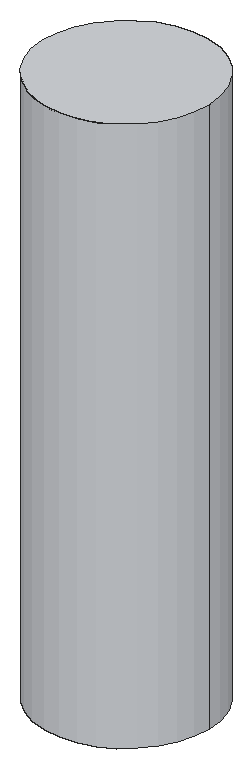
Revit family "$Player_Dog", category Generic Models, Revit 2020
Family settings
  Can host rebar = No
  Round Connector Dimension = Use Diameter
  Part Type = Normal
  Work Plane-Based = No
  Always vertical = Yes
  Cut with Voids When Loaded = No
  Shared = No
  Room Calculation Point = No
Parameters (values of type "SD")
  yes = 2 > 1  # yes
  show_standard [instance] = not(show_overweight)  # yes
  show_overweight [instance] = _property_is_overweight  # no
  no = not(yes)  # no
  _property_positionID = 9
  _property_name = "Jannifer"
  _property_luck = 50
  _property_is_overweight = no
  _property_hold_status = ""
  _property_hold_amount = 0
  _asset_tools = ""
  _asset_skills = ""
  _asset_money = 20
  _asset_direction = 1
  Default Elevation = 0 mm
Reference planes
  plane 1 "Center (Front/Back)": y = 0
  plane 2: z = 0
  plane 3 "Center (Left/Right)": x = 0
Forms (mm)
  Extrusion 1, solid, visible <- "show_standard"
    sketch origin (0, 0, 0) x (1, 0, 0) y (0, 1, 0)
      loop
        circle (0, 0) r 260
    from 0 to 1750
  Extrusion 2, solid, visible <- "show_overweight"
    sketch origin (0, 0, 0) x (1, 0, 0) y (0, 1, 0)
      loop
        circle (0, 0) r 500
    from 0 to 1300
Dimensions and locks
  aligned and locked: plane 2 to level
  aligned and locked: plane 1 "Center (Front/Back)" to nested 1
  aligned and locked: plane 3 "Center (Left/Right)" to nested 1
Nested families
  nested 1: "NAME_SYMBOL" at (0, 0, 0), _property_name <- "_property_name", _property_positionID <- "_property_positionID", type "NAME_SYMBOL"
    with _property_positionID 9, _property_name "Jannifer"
Definition of nested family "NAME_SYMBOL"
  Parameters (values of type "NAME_SYMBOL")
    _property_positionID [instance] = 0
    _property_name [instance] = ""
  Reference planes
    plane 1: y = 0
    plane 2: x = 0
  Lines and regions (mm)
    detail lines
      curve 1: line (-15, -5, 0) -> (15, -5, 0)
      curve 2: line (-15, 5, 0) -> (-15, -5, 0)
      curve 3: line (15, 5, 0) -> (-15, 5, 0)
      curve 4: line (15, -5, 0) -> (15, 5, 0)
  Text (mm)
    label "A\npositionID = _property_positionID" at (0.077, 0.299, 0), shows "_property_name", "_property_positionID"
